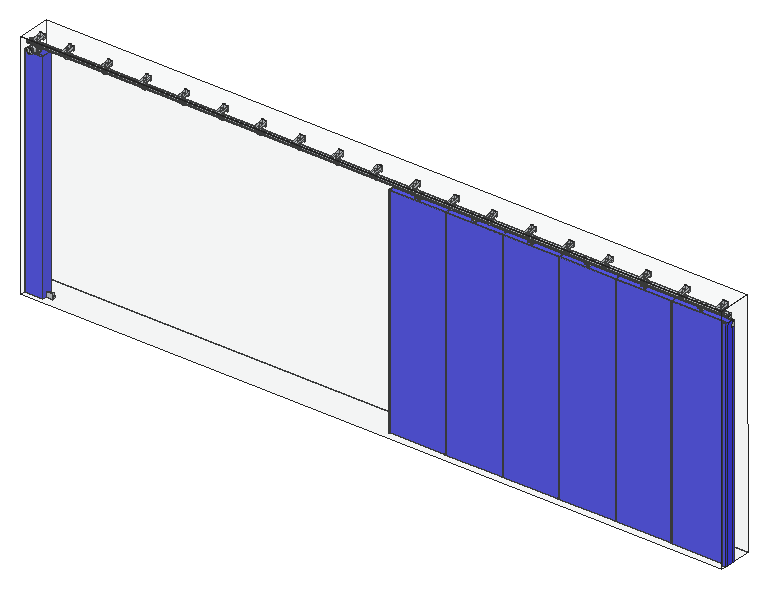
Revit family "Somati-System_SGS_Horizontal-fire-sliding-door_9040_lintel_counterweight-behind-door-access_EI60_W-to-H-higher-than-1,3", category Doors, host Wall, Revit 2018
Family settings
  Host = Wall
  OmniClass Number = 23.30.10.00
  OmniClass Title = Doors
  Always vertical = Yes
  Cut with Voids When Loaded = No
  Shared = No
  Room Calculation Point = No
Parameters (values of type "EI 60")
  Youtube clip = "https://www.youtube.com/watch?v=pRjbxBvixFY&feature=emb_logo"
  Wing top offset [instance] = 88 mm  # constant formula
  Wing thickness = 71.2 mm
  Wing middle offset = 80 mm
  Wing access (D) [instance] = [Width (W)] + 150 mm  # 5650 mm
  Width (W) [instance] = 5500 mm
  Weight Net (Kg) = "0"
  Uniformat II Description = ""
  Uniformat II Code = ""
  Uniclass 2015 Name = ""
  Uniclass 2015 Code = ""
  Uniclass 2.0 Description = ""
  Uniclass 2.0 Code = ""
  Uniclass 1.4 Description = ""
  Uniclass 1.4 Code = ""
  UNSPSC Code = ""
  Total height (Z) [instance] = Height Control + 315 mm  # 3815 mm
  Thickness = 0 mm
  Technical description = "https://somati-system.pl/en/download/sgs-download-en/"
  Region South America = "None"
  Region Oceania = "None"
  Region North America = "None"
  Region Middle East = "None"
  Region Europe = "AD, AL, AT, AX, BA, BE, BG, BY, CH, CY, CZ, DE, DK, EE, ES, FI, FO, FR, GB, GG, GI, GR, HR, HU, IE, IM, IS, IT, JE, LI, LT, LU, LV, MC, MD, ME, MK, MT, NL, NO, PL, PT, RO, RS, RU, SE, SI, SJ, SK, SM, UA, VA"
  Region Asia = "None"
  Region Antarctica = "None"
  Region Africa = "None"
  Rail and assembly materials [instance] = none
  QR code = "http://bimobject.com/somati-system/product/SGS_HORIZONTAL_FIRE_SLIDING_DOOR"
  Product url = "https://somati-system.pl/en/products/sgs-horizontal-fire-sliding-doors/"
  Product group = "SGS"
  Product family = "SGS"
  Product data url = "https://bimobject.com/somati-system/product/SGS_HORIZONTAL_FIRE_SLIDING_DOOR"
  Product certification = ""
  Product SKU = "SGS_HORIZONTAL_FIRE_SLIDING_DOOR"
  Product Guid = "8235eb12-0acf-4b60-9ca9-7613396e8d01"
  Power supply of control panel = "230V/50Hz/6A"  # constant formula
  Panel width [instance] = ([Width (W)] + 168 mm) / Number of panels in wing  # 944.667 mm
  Panel material = Somati - Stainless Steel - Custom
  Panel height [instance] = Height Control + Wing top offset  # 3588 mm
  OmniClass Description = ""
  OmniClass Code = ""
  Offset Right [instance] = 0 mm
  Offset Left [instance] = [Counterweight housing (A2)]  # 310 mm
  Number of panels in wing [instance] = roundup([Width (W)] / 1000 mm)  # 6
  Number of hangers [instance] = ([Guide rail length (K)] - 420 mm) / 600 mm  # 18
  Nominal width = 0 mm
  Nominal height = 0 mm
  NBS Reference Description = ""
  NBS Reference Code = ""
  Model = "SGS"  # constant formula
  Max number of opening cycles = 50000  # constant formula
  Material secondary = "Composite"
  Material main = "Steel"
  Masterformat 2014 Description = ""
  Masterformat 2014 Code = ""
  Manufacturer name = "Somati System"
  Manufacturer country = "Poland"
  Manufacturer = "Somati System"  # constant formula
  Installation instructions = ""
  IFC Classification = ""
  Height Control [instance] = if([Height (H)] > 3500 mm, 3500 mm, [Height (H)])  # 3500 mm
  Height (H) [instance] = 3500 mm
  Guide rail lower edge (B1) [instance] = Height Control + 160 mm  # 3660 mm
  Guide rail length (K) [instance] = [Wing access (D)] + [Width (W)] + [Counterweight housing (A2)]  # 11460 mm
  Gate Control type = "Electromagnetic brake"  # constant formula
  GTIN code = ""
  Function = Interior
  Height = 3000 mm
  Wall Closure = By host
  Width = 3000 mm
  Fire resistance = "EI 60, EI 120 n"  # constant formula
  Edition number = 1
  Design country = "Poland"
  Date of publishing = ""
  Counterweight housing (A2) [instance] = if([Width (W)] / Height Control > 1.3, 310 mm, 180 mm)  # 310 mm
  Console mounting axis (B2) [instance] = if(Height Control > 3500 mm, Height Control + 239 mm, Height Control + 179 mm)  # 3679 mm
  Clearance Area Visibility [instance] = yes
  COBIe Type Category = ""
  Buffer (A1) [instance] = [Width (W)] + 280 mm  # 5780 mm
  Brand url = ""
  BIMobject main category code = "doors"
  BIMobject main category = "Doors"
  BIMobject category code = "doors-fire"
  BIMobject category = "Fire Doors & Shutters"
  Available surface fnish = "Galvanized Stainless Steel PVC, MDF, HDF, laminate or veneer, STANDARD RAL 7035, 9002, 9006, 9010, and powder coating of whole RAL pallet"  # constant formula
Reference planes
  plane 1: y = 0
  plane 2 "Center (Left/Right)": x = 0
  plane 3 "Left": x = -2750
  plane 4 "Right": x = 2750
  plane 5 "Cutout height": z = 3500
  plane 6 "Exterior": y = 150
  plane 7 "Interior": y = -150
  plane 8 "Consoles mounting axis": z = 3679
  plane 9 "Total height top": z = 3815
  plane 10 "Guide rail bottom": z = 3660
  plane 11 "Wing access": x = -8400
  plane 12 "Buffer placement": x = -8530
  plane 13 "Handle": z = 1050
  plane 14 "Wing end left": x = -2858
  plane 15 "Wing end top": z = 3588
  plane 16 "Wing end right": x = 2750
  plane 17: y = -324
  plane 18 "Wing axis": y = -230
  plane 19: y = -75
  plane 20: y = -184.9
  plane 21: y = -275.1
  plane 22: x = -2860
  plane 23 "end of hangers": x = -8190
  plane 24: x = -1040
  plane 25: x = -2795
  plane 26: y = -300.1
  plane 27: y = -159.9
  plane 28: x = -8840
  plane 29: x = -8539
  plane 30: x = -8689.5
  plane 31: x = 2750
  plane 32: x = -8840
  plane 33: x = -8685
  plane 34: z = 3740
  plane 35: y = -400.45
  plane 36: z = 3654
  plane 37: x = 2620
Forms (mm)
  Sweep 1, solid
    path origin (0, -150, 0) x (1, 0, 0) y (0, 0, 1)
      loop
        line (-2750, 0) -> (-2750, 3482) -> (2750, 3482)
    profile origin (-2750, -150, 1741) x (-1, 0, 0) y (0, -1, 0)
      loop
        line (18, 33) -> (18, 4)
        arc (18, 4) -> (19.172, 1.172) -> (22, 0) r 4
        line (22, 0) -> (64, 0)
        arc (64, 0) -> (66.828, 1.172) -> (68, 4) r 4
        line (68, 4) -> (68, 29)
        arc (68, 29) -> (68.586, 30.414) -> (70, 31) r 2
        line (70, 31) -> (91, 31) -> (91, 33) -> (18, 33)
  Sweep 2, solid, material "Somati - Stainless Steel - Custom" <- "Panel material"
    path origin (0, -150, 0) x (1, 0, 0) y (0, 0, 1)
      loop
        line (-2858, 3588) -> (-2858, 0)
    profile origin (-2858, -150, 1794) x (0, -1, 0) y (1, 0, 0)
      loop
        arc (18.1, 2) -> (19.272, -0.828) -> (22.1, -2) r 4
        line (22.1, -2) -> (114.1, -2)
        arc (114.1, -2) -> (116.928, -0.828) -> (118.1, 2) r 4
        line (118.1, 2) -> (118.1, 13) -> (116.1, 13) -> (116.1, 2)
        arc (116.1, 2) -> (115.514, 0.586) -> (114.1, 0) r 2
        line (114.1, 0) -> (22.1, 0)
        arc (22.1, 0) -> (20.686, 0.586) -> (20.1, 2) r 2
        line (20.1, 2) -> (20.1, 23) -> (18.1, 23) -> (18.1, 2)
  Sweep 3, solid, material "Somati - Stainless Steel - Custom" <- "Panel material"
    path origin (0, -150, 0) x (1, 0, 0) y (0, 0, 1)
      loop
        line (-2860, 3588) -> (2750, 3588)
    profile origin (-55, -150, 3588) x (0, 0, 1) y (0, -1, 0)
      loop
        line (-23, 19.5) -> (-23, 17.5) -> (-2, 17.5)
        arc (-2, 17.5) -> (0.828, 18.672) -> (2, 21.5) r 4
        line (2, 21.5) -> (2, 117.5) -> (0, 117.5) -> (0, 21.5)
        arc (0, 21.5) -> (-0.586, 20.086) -> (-2, 19.5) r 2
        line (-2, 19.5) -> (-23, 19.5)
  Sweep 4, solid, material <- "Rail and assembly materials"
    path origin (0, -230, 0) x (0, 0, -1) y (-1, 0, 0)
      loop
        line (-3655.5, 8840) -> (-3655.5, -2750)
    profile origin (-3045, -230, 3655.5) x (0, 0, -1) y (0, 1, 0)
      loop
        line (-4.5, -10) -> (-7.5, -10) -> (-7.5, -17.27)
        arc (-7.5, -17.27) -> (-7.68, -17.833) -> (-8.154, -18.187) r 0.97
        line (-8.154, -18.187) -> (-21.563, -22.805)
        arc (-21.563, -22.805) -> (-22.137, -22.951) -> (-22.728, -23) r 3.578
        line (-22.728, -23) -> (-45.523, -23)
        arc (-45.523, -23) -> (-46.214, -22.714) -> (-46.5, -22.023) r 0.977
        line (-46.5, -22.023) -> (-46.5, 21.985)
        arc (-46.5, 21.985) -> (-46.203, 22.703) -> (-45.485, 23) r 1.015
        line (-45.485, 23) -> (-22.73, 23)
        arc (-22.73, 23) -> (-22.137, 22.951) -> (-21.56, 22.804) r 3.593
        line (-21.56, 22.804) -> (-8.141, 18.183)
        arc (-8.141, 18.183) -> (-7.677, 17.836) -> (-7.5, 17.283) r 0.951
        line (-7.5, 17.283) -> (-7.5, 10) -> (-4.5, 10) -> (-4.5, 19.391)
        arc (-4.5, 19.391) -> (-4.707, 20) -> (-5.242, 20.357) r 1
        line (-5.242, 20.357) -> (-20.589, 25.643)
        arc (-20.589, 25.643) -> (-21.5, 25.91) -> (-22.445, 26) r 5
        line (-22.445, 26) -> (-46.5, 26)
        arc (-46.5, 26) -> (-48.621, 25.121) -> (-49.5, 23) r 3
        line (-49.5, 23) -> (-49.5, -23)
        arc (-49.5, -23) -> (-48.621, -25.121) -> (-46.5, -26) r 3
        line (-46.5, -26) -> (-22.445, -26)
        arc (-22.445, -26) -> (-21.5, -25.91) -> (-20.589, -25.643) r 5
        line (-20.589, -25.643) -> (-5.242, -20.357)
        arc (-5.242, -20.357) -> (-4.707, -20) -> (-4.5, -19.391) r 1
        line (-4.5, -19.391) -> (-4.5, -10)
  Extrusion 5, solid, material "Clearance Areas", visible <- "Clearance Area Visibility"
    sketch origin (-2209.467, 358.585, 220.701) x (1, 0, 0) y (0, 0, -1)
      loop
        line (-6630.533, 220.701) -> (-6630.533, -3594.299) -> (4959.467, -3594.299) -> (4959.467, 220.701) -> (-6630.533, 220.701)
    from -759.035 to -208.585
  Sweep 6, solid, material "Somati - Stainless Steel - Custom" <- "Panel material"
    path origin (0, -150, 0) x (1, 0, 0) y (0, 0, 1)
      loop
        line (-8840, 0) -> (-8840, 3588)
    profile origin (-8840, -150, 1794) x (-1, 0, 0) y (0, -1, 0)
      loop
        line (-301, 161) -> (-301, 0) -> (0, 0) -> (0, 161) -> (-301, 161)
      loop
        line (-298, 3) -> (-3, 3) -> (-3, 157) -> (-298, 157) -> (-298, 3)
  Sweep 7, solid, material "Somati - Stainless Steel - Custom" <- "Panel material"
    path origin (0, -150, 0) x (1, 0, 0) y (0, 0, 1)
      loop
        line (2750, 0) -> (2750, 3588)
    profile origin (2750, -150, 1794) x (-1, 0, 0) y (0, -1, 0)
      loop
        line (51, 0) -> (51, 33) -> (2, 33) -> (2, 124) -> (48, 124) -> (48, 161) -> (0, 161) -> (0, 0) -> (51, 0)
Lines and regions (mm)
  Opening 1
    outline origin (-3050, -150, 0) x (1, 0, 0) y (0, 0, 1)
      loop
        line (300, 0) -> (5800, 0) -> (5800, 3500) -> (300, 3500) -> (300, 0)
Text (mm)
  text "Exterior" at (-2295.016, 1099.543, 0), in view "Ref. Level"
  text "Exterior" at (0, 1615.38, 3698.081), in view "Left"
  text "Exterior" at (0, 1036.032, 3874.932), in view "Right"
Dimensions and locks
  equal spacing: plane 3 "Left", plane 2 "Center (Left/Right)", plane 4 "Right"
  "Width (W)": plane 3 "Left" to plane 4 "Right"
  "Height Control": plane 5 "Cutout height" to host wall
  host wall to plane 5 "Cutout height" = 3500 mm  (x2)
  locked: plane 6 "Exterior" to host wall at 0
  locked: plane 7 "Interior" to host wall
  "Total height (Z)": plane 9 "Total height top" to level
  "Console mounting axis (B2)": plane 8 "Consoles mounting axis" to level
  "Guide rail lower edge (B1)": plane 10 "Guide rail bottom" to level
  "Buffer (A1)": plane 12 "Buffer placement" to plane 3 "Left"
  "Wing access (D)": plane 11 "Wing access" to plane 3 "Left"
  locked: plane 13 "Handle" to level at 1050
  equal spacing: plane 20, plane 18 "Wing axis", plane 21
  equal spacing: group 1, group 6, group 14, group 15, group 16, group 2  (x3)
  "Wing top offset": plane 15 "Wing end top" to plane 5 "Cutout height"
  locked: plane 22 to plane 14 "Wing end left" at 2
  locked: Sweep 1 sketch curve to plane 5 "Cutout height" at 18
  locked: plane 23 "end of hangers" to plane 11 "Wing access" at 210
  equal spacing: group 4, group 24, group 23, group 22, group 21, group 20, group 19, group 18, group 17, group 13, group 12, group 11, group 10, group 9, group 8, group 7, group 5, group 3
  equal spacing: group 3, group 5, group 7, group 8, group 9, group 10, group 11, group 12, group 13, group 17, group 18, group 19, group 20, group 21, group 22, group 23, group 24, group 4  (x2)
  locked: plane 25 to plane 3 "Left" at 45
  locked: plane 27 to plane 20 at 25
  locked: plane 21 to plane 26 at 25
  locked: plane 14 "Wing end left" to plane 3 "Left" at 108
  "Counterweight housing (A2)": plane 28 to plane 12 "Buffer placement"
  locked: Sweep 6 sketch curve to Sweep 6 sketch curve at 3  (x2)
  locked: plane 29 to plane 12 "Buffer placement" at 9
  equal spacing: plane 29, plane 30, plane 28
  "Offset Left": plane 32 to plane 12 "Buffer placement"
  "Offset Right": plane 4 "Right" to plane 31
  equal spacing: plane 28, plane 33, plane 12 "Buffer placement"
  "Wing middle offset": host wall to plane 18 "Wing axis"
  plane 9 "Total height top" to plane 5 "Cutout height" = 315 mm
  locked: host wall to plane 35 at 250.45
  locked: plane 36 to plane 15 "Wing end top" at 66
  locked: plane 31 to plane 37 at 130
  locked: plane 18 "Wing axis" to host wall at 80
  aligned and locked: plane 3 "Left" to Opening 1 sketch curve
  aligned and locked: plane 5 "Cutout height" to Opening 1 sketch curve  (x2)
  aligned and locked: Opening 1 sketch curve to plane 4 "Right"
  aligned and locked: Opening 1 sketch curve to level
  aligned and locked: host wall to plane 1
  aligned and locked: nested 1 to plane 18 "Wing axis"
  aligned and locked: plane 14 "Wing end left" to nested 1
  aligned and locked: plane 16 "Wing end right" to nested 2
  aligned and locked: Sweep 1 sketch curve to plane 3 "Left"
  aligned and locked: plane 3 "Left" to Sweep 1 sketch curve
  aligned and locked: plane 4 "Right" to Sweep 1 sketch curve
  aligned and locked: level to Sweep 1 sketch curve
  aligned and locked: Sweep 2 sketch curve to plane 14 "Wing end left"
  aligned and locked: plane 15 "Wing end top" to Sweep 2 sketch curve
  aligned and locked: level to Sweep 2 sketch curve
  aligned and locked: Sweep 3 sketch curve to plane 15 "Wing end top"
  aligned and locked: Sweep 3 sketch curve to plane 22
  aligned and locked: plane 16 "Wing end right" to Sweep 3 sketch curve
  aligned and locked: plane 18 "Wing axis" to nested 3
  aligned and locked: nested 4 to plane 23 "end of hangers"
  aligned and locked: Sweep 4 to plane 10 "Guide rail bottom"
  aligned and locked: plane 6 "Exterior" to Extrusion 5
  aligned and locked: plane 9 "Total height top" to Extrusion 5
  aligned and locked: nested 2 to plane 18 "Wing axis"
  aligned and locked: plane 18 "Wing axis" to nested 4
  aligned and locked: nested 6 to plane 18 "Wing axis"
  aligned and locked: nested 6 to plane 12 "Buffer placement"
  aligned and locked: plane 15 "Wing end top" to Sweep 6 sketch curve
  aligned and locked: Sweep 6 sketch curve to plane 28
  aligned and locked: Sweep 6 sketch curve to plane 29
  aligned and locked: Sweep 7 sketch curve to plane 4 "Right"
  aligned and locked: plane 15 "Wing end top" to Sweep 7 sketch curve
  aligned and locked: plane 32 to Sweep 4 sketch curve
  aligned and locked: plane 31 to Sweep 4 sketch curve
  aligned and locked: host wall to nested 15
  aligned and locked: plane 9 "Total height top" to nested 3
  aligned and locked: plane 9 "Total height top" to nested 5
  aligned and locked: nested 15 to plane 9 "Total height top"
  aligned and locked: Extrusion 5 to plane 32
  aligned and locked: plane 31 to Extrusion 5
  aligned and locked: nested 15 to plane 33
  aligned and locked: nested 16 to plane 18 "Wing axis"
  aligned and locked: plane 33 to nested 16
  aligned and locked: Extrusion 5 to plane 35
  aligned and locked: nested 16 to plane 36
  aligned and locked: plane 31 to plane 16 "Wing end right"
  aligned and locked: nested 3 to plane 37
Automatic sketch dimensions
  Sweep 6 sketch curve to plane 28 = 0 mm
  Sweep 6 sketch curve to plane 13 "Handle" = 1050 mm
  plane 7 "Interior" to Sweep 1 sketch curve = 0 mm
  Sweep 1 sketch curve to profile plane = 18 mm
  Sweep 1 sketch curve to Sweep 1 sketch curve = 4 mm
  plane 7 "Interior" to Sweep 1 sketch curve = 4 mm
  Sweep 1 sketch curve to Sweep 1 sketch curve = 42 mm
  Sweep 1 sketch curve to Sweep 1 sketch curve = 2 mm
  Sweep 1 sketch curve to Sweep 1 sketch curve = 21 mm
  Sweep 1 sketch curve to Sweep 1 sketch curve = 25 mm
  Sweep 1 sketch curve to Sweep 1 sketch curve = 29 mm
  Sweep 2 sketch curve to Sweep 2 sketch curve = 0 mm  (x4)
  Sweep 2 sketch curve to profile plane = 0 mm
  Sweep 2 sketch curve to profile plane = 2 mm  (x2)
  plane 7 "Interior" to Sweep 2 sketch curve = 18.1 mm
  Sweep 2 sketch curve to Sweep 2 sketch curve = 2 mm
  Sweep 2 sketch curve to Sweep 2 sketch curve = 92 mm
  Sweep 2 sketch curve to Sweep 2 sketch curve = 11 mm
  Sweep 2 sketch curve to Sweep 2 sketch curve = 21 mm
  Sweep 3 sketch curve to Sweep 3 sketch curve = 0 mm  (x2)
  profile plane to Sweep 3 sketch curve = 0 mm
  profile plane to Sweep 3 sketch curve = 2 mm
  Sweep 3 sketch curve to Sweep 3 sketch curve = 21 mm
  Sweep 3 sketch curve to Sweep 3 sketch curve = 2 mm
  plane 7 "Interior" to Sweep 3 sketch curve = 17.5 mm
  Sweep 3 sketch curve to Sweep 3 sketch curve = 96 mm
  Extrusion 5 sketch curve to plane 9 "Total height top" = 0 mm
  Extrusion 5 sketch curve to plane 12 "Buffer placement" = 310 mm
  Extrusion 5 sketch curve to level = 0 mm
  Sweep 6 sketch curve to plane 7 "Interior" = 0 mm
  plane 7 "Interior" to Sweep 6 sketch curve = 3 mm
  Sweep 6 sketch curve to Sweep 6 sketch curve = 154 mm
  Sweep 6 sketch curve to Sweep 6 sketch curve = 4 mm
  Sweep 7 sketch curve to plane 13 "Handle" = 1050 mm
  plane 7 "Interior" to Sweep 7 sketch curve = 0 mm
  profile plane to Sweep 7 sketch curve = 0 mm
  Sweep 7 sketch curve to Sweep 7 sketch curve = 2 mm
  Sweep 7 sketch curve to profile plane = 48 mm
  Sweep 7 sketch curve to profile plane = 51 mm
  plane 7 "Interior" to Sweep 7 sketch curve = 33 mm
  Sweep 7 sketch curve to Sweep 7 sketch curve = 91 mm
  Sweep 7 sketch curve to Sweep 7 sketch curve = 37 mm
  Sweep 4 sketch curve to plane 10 "Guide rail bottom" = 4.5 mm
  profile plane to Sweep 4 sketch curve = 49.5 mm
  Sweep 4 sketch curve to Sweep 4 sketch curve = 3 mm  (x3)
  Sweep 4 sketch curve to Sweep 4 sketch curve = 0 mm
  Sweep 4 sketch curve to Sweep 4 sketch curve = 0.977 mm
  Sweep 4 sketch curve to Sweep 4 sketch curve = 1.015 mm  (x2)
  Sweep 4 sketch curve to Sweep 4 sketch curve = 22.755 mm
  Sweep 4 sketch curve to Sweep 4 sketch curve = 22.795 mm
  Sweep 4 sketch curve to Sweep 4 sketch curve = 0.282 mm
  Sweep 4 sketch curve to Sweep 4 sketch curve = 0.285 mm
  Sweep 4 sketch curve to Sweep 4 sketch curve = 1.165 mm
  Sweep 4 sketch curve to Sweep 4 sketch curve = 1.17 mm
  Sweep 4 sketch curve to Sweep 4 sketch curve = 1.857 mm  (x2)
  Sweep 4 sketch curve to Sweep 4 sketch curve = 13.093 mm
  Sweep 4 sketch curve to Sweep 4 sketch curve = 13.109 mm
  Sweep 4 sketch curve to Sweep 4 sketch curve = 0.316 mm
  Sweep 4 sketch curve to Sweep 4 sketch curve = 0.31 mm
  Sweep 4 sketch curve to Sweep 4 sketch curve = 0.951 mm
  Sweep 4 sketch curve to Sweep 4 sketch curve = 0.97 mm
  Sweep 4 sketch curve to Sweep 4 sketch curve = 2.641 mm
  Sweep 4 sketch curve to Sweep 4 sketch curve = 2.654 mm
  Sweep 4 sketch curve to Sweep 4 sketch curve = 0.258 mm  (x2)
  Sweep 4 sketch curve to Sweep 4 sketch curve = 1 mm
  Sweep 4 sketch curve to plane 18 "Wing axis" = 26 mm
  Sweep 4 sketch curve to Sweep 4 sketch curve = 0.357 mm
  Sweep 4 sketch curve to Sweep 4 sketch curve = 2 mm
  Sweep 4 sketch curve to Sweep 4 sketch curve = 0.195 mm
  Sweep 4 sketch curve to Sweep 4 sketch curve = 5.286 mm
  Sweep 4 sketch curve to Sweep 4 sketch curve = 1.204 mm
  Sweep 4 sketch curve to Sweep 4 sketch curve = 7.27 mm
  Sweep 4 sketch curve to Sweep 4 sketch curve = 20 mm
  Sweep 4 sketch curve to Sweep 4 sketch curve = 7.283 mm
  Sweep 4 sketch curve to Sweep 4 sketch curve = 2.108 mm
  Sweep 4 sketch curve to Sweep 4 sketch curve = 2.124 mm
  Sweep 4 sketch curve to Sweep 4 sketch curve = 1.593 mm
  Sweep 4 sketch curve to Sweep 4 sketch curve = 2.577 mm
  Extrusion 5 sketch curve to plane 16 "Wing end right" = 0 mm
Nested families
  nested 1: "Family2" at (-2385.667, -230, 0), Material <- "Panel material", Width <- "Panel width", Thickness <- "Wing thickness", Height <- "Panel height", type "Family2"
    with Width 944.667 mm, Thickness 71.2 mm, Material Somati - Stainless Steel - Custom, Height 3588 mm
  nested 2: "Family2" at (2277.667, -230, 0), Material <- "Panel material", Width <- "Panel width", Thickness <- "Wing thickness", Height <- "Panel height", type "Family2"
    with Width 944.667 mm, Thickness 71.2 mm, Material Somati - Stainless Steel - Custom, Height 3588 mm
  nested 3: "Family3" at (2586, -230, 3725) x (0, 1, 0) z (1, 0, 0), type "Family3", detail levels medium+fine
  nested 4: "Family3" at (-8224, -230, 3725) x (0, 1, 0) z (1, 0, 0), type "Family3", detail levels medium+fine
  nested 5: "Family3" at (1950.118, -230, 3725) x (0, 1, 0) z (1, 0, 0), type "Family3", detail levels medium+fine
  nested 6: "Stopper" at (-8480.037, -230, 0), type "Stopper", detail levels medium+fine
  nested 7: "Family2" at (-1453, -230, 0), Material <- "Panel material", Width <- "Panel width", Thickness <- "Wing thickness", Height <- "Panel height", type "Family2"
    with Width 944.667 mm, Thickness 71.2 mm, Material Somati - Stainless Steel - Custom, Height 3588 mm
  nested 8: "Family3" at (1314.235, -230, 3725) x (0, 1, 0) z (1, 0, 0), type "Family3", detail levels medium+fine
  nested 9: "Family3" at (678.353, -230, 3725) x (0, 1, 0) z (1, 0, 0), type "Family3", detail levels medium+fine
  nested 10: "Family3" at (42.471, -230, 3725) x (0, 1, 0) z (1, 0, 0), type "Family3", detail levels medium+fine
  nested 11: "Family3" at (-593.412, -230, 3725) x (0, 1, 0) z (1, 0, 0), type "Family3", detail levels medium+fine
  nested 12: "Family3" at (-1229.294, -230, 3725) x (0, 1, 0) z (1, 0, 0), type "Family3", detail levels medium+fine
  nested 13: "Family3" at (-1865.176, -230, 3725) x (0, 1, 0) z (1, 0, 0), type "Family3", detail levels medium+fine
  nested 14: "Family3" at (-2501.059, -230, 3725) x (0, 1, 0) z (1, 0, 0), type "Family3", detail levels medium+fine
  nested 15: "Family3" at (-8651, -230, 3725) x (0, 1, 0) z (-1, 0, 0), type "Family3"
  nested 16: "brake" at (-8685, -230, 3633.165) x (1, 0, 0) z (0, -1, 0), type "brake"
  nested 17: "Family2" at (-520.333, -230, 0), Material <- "Panel material", Width <- "Panel width", Thickness <- "Wing thickness", Height <- "Panel height", type "Family2"
    with Width 944.667 mm, Thickness 71.2 mm, Material Somati - Stainless Steel - Custom, Height 3588 mm
  nested 18: "Family2" at (412.333, -230, 0), Material <- "Panel material", Width <- "Panel width", Thickness <- "Wing thickness", Height <- "Panel height", type "Family2"
    with Width 944.667 mm, Thickness 71.2 mm, Material Somati - Stainless Steel - Custom, Height 3588 mm
  nested 19: "Family2" at (1345, -230, 0), Material <- "Panel material", Width <- "Panel width", Thickness <- "Wing thickness", Height <- "Panel height", type "Family2"
    with Width 944.667 mm, Thickness 71.2 mm, Material Somati - Stainless Steel - Custom, Height 3588 mm
  nested 20: "Family3" at (-3136.941, -230, 3725) x (0, 1, 0) z (1, 0, 0), type "Family3", detail levels medium+fine
  nested 21: "Family3" at (-3772.824, -230, 3725) x (0, 1, 0) z (1, 0, 0), type "Family3", detail levels medium+fine
  nested 22: "Family3" at (-4408.706, -230, 3725) x (0, 1, 0) z (1, 0, 0), type "Family3", detail levels medium+fine
  nested 23: "Family3" at (-5044.588, -230, 3725) x (0, 1, 0) z (1, 0, 0), type "Family3", detail levels medium+fine
  nested 24: "Family3" at (-5680.471, -230, 3725) x (0, 1, 0) z (1, 0, 0), type "Family3", detail levels medium+fine
  nested 25: "Family3" at (-6316.353, -230, 3725) x (0, 1, 0) z (1, 0, 0), type "Family3", detail levels medium+fine
  nested 26: "Family3" at (-6952.235, -230, 3725) x (0, 1, 0) z (1, 0, 0), type "Family3", detail levels medium+fine
  nested 27: "Family3" at (-7588.118, -230, 3725) x (0, 1, 0) z (1, 0, 0), type "Family3", detail levels medium+fine
Definition of nested family "Family2"
  Parameters (values of type "Family2")
    Width [instance] = 349.761 mm
    Thickness [instance] = 117.742 mm
    Material [instance] = none
    Height [instance] = 398.765 mm
    Hardware material = none
  Reference planes
    plane 1 "Center (Front/Back)": y = 0
    plane 2: z = 0
    plane 3 "Center (Left/Right)": x = 0
    plane 4: x = -174.88
    plane 5: x = 174.88
    plane 6: y = 58.871
    plane 7: y = -58.871
    plane 8: z = 398.765
  Forms (mm)
    Extrusion 1, solid, material <- "Material"
      sketch origin (0, 0, 0) x (1, 0, 0) y (0, 1, 0)
        loop
          line (-174.88, -58.871) -> (174.88, -58.871) -> (174.88, 58.871) -> (-174.88, 58.871) -> (-174.88, -58.871)
      from 0 to 398.765
  Dimensions and locks
    equal spacing: plane 4, plane 3 "Center (Left/Right)", plane 5
    "Width": plane 4 to plane 5
    equal spacing: plane 6, plane 1 "Center (Front/Back)", plane 7
    "Thickness": plane 6 to plane 7
    "Height": plane 8 to plane 2
    aligned and locked: level to plane 2
    aligned and locked: plane 6 to Extrusion 1
    aligned and locked: Extrusion 1 to plane 7
    aligned and locked: Extrusion 1 to plane 4
    aligned and locked: plane 5 to Extrusion 1
    aligned and locked: plane 6 to Extrusion 1 sketch curve
    aligned and locked: Extrusion 1 sketch curve to plane 7
    aligned and locked: Extrusion 1 sketch curve to plane 4
    aligned and locked: plane 5 to Extrusion 1 sketch curve
    aligned and locked: plane 8 to Extrusion 1
    aligned and locked: plane 3 "Center (Left/Right)" to nested 1
    aligned and locked: plane 1 "Center (Front/Back)" to nested 1
    aligned and locked: nested 1 to plane 8
  Nested families
    nested 1: "Family1" at (0, 0, 491.765), type "Family1", detail levels medium+fine
  Definition of nested family "Family1"
    Parameters (values of type "Family1")
      Material = none
    Reference planes
      plane 1 "Center (Front/Back)": y = 0
      plane 2: z = 0
      plane 3 "Center (Left/Right)": x = 0
      plane 4: y = 1.5
      plane 5: y = -1.5
      plane 6: z = -93
    Forms (mm)
      Extrusion 1, solid, material <- "Material"
        sketch origin (0, 0, 0) x (0, 1, 0) y (0, 0, 1)
          loop
            line (11, -54) -> (-26.5, -54) -> (-26.5, -60) -> (11, -60)
            arc (11, -60) -> (16.303, -57.803) -> (18.5, -52.5) r 7.5
            line (18.5, -52.5) -> (18.5, -45.5)
            arc (18.5, -45.5) -> (16.303, -40.197) -> (11, -38) r 7.5
            line (11, -38) -> (9, -38)
            arc (9, -38) -> (4.757, -36.243) -> (3, -32) r 6
            line (3, -32) -> (3, 17.5) -> (-3, 17.5) -> (-3, -32)
            arc (-3, -32) -> (0.515, -40.485) -> (9, -44) r 12
            line (9, -44) -> (11, -44)
            arc (11, -44) -> (12.061, -44.439) -> (12.5, -45.5) r 1.5
            line (12.5, -45.5) -> (12.5, -52.5)
            arc (12.5, -52.5) -> (12.061, -53.561) -> (11, -54) r 1.5
        from -45 to 45
      Revolve 2, solid, material <- "Material"
        sketch origin (0, 0, 0) x (1, 0, 0) y (0, 0, 1)
          loop
            arc (8.25, -46) -> (4.244, -44.507) -> (0, -44) r 18.016
            line (0, -44) -> (0, -184) -> (6.5, -184) -> (8, -182.5) -> (8, -91) -> (10.125, -91)
            arc (10.125, -91) -> (11.933, -90.664) -> (13.5, -89.7) r 5.031
            line (13.5, -89.7) -> (13.5, -84.8)
            arc (13.5, -84.8) -> (12.037, -83.478) -> (10.125, -83) r 4.064
            line (10.125, -83) -> (8, -83) -> (8, -71) -> (10.125, -71)
            arc (10.125, -71) -> (11.933, -70.664) -> (13.5, -69.7) r 5.031
            line (13.5, -69.7) -> (13.5, -64.8)
            arc (13.5, -64.8) -> (12.037, -63.478) -> (10.125, -63) r 4.064
            line (10.125, -63) -> (15, -63) -> (15, -60) -> (8, -60) -> (8, -54) -> (16.5, -54) -> (16.5, -46)
            arc (16.5, -46) -> (12.375, -44) -> (8.25, -46) r 5.254
          axis (0, -44) -> (0, -184)
        angle from 0 to 360
      Extrusion 3, void
        sketch origin (0, 0, 0) x (1, 0, 0) y (0, 0, 1)
          loop
            line (45, -25) -> (45, 17.5) -> (-45, 17.5) -> (-45, -25)
            arc (-45, -25) -> (0, 15) -> (45, -25) r 45.312
        from -23 to 30.5
      Extrusion 4, solid, material <- "Material"
        sketch origin (0, 0, 0) x (1, 0, 0) y (0, 0, 1)
          loop
            circle (70, 0) r 17
        from -17 to -7
      Sweep 5, void
        path in 3D
          loop
            arc (87, 7, 0) -> (70, 7, -17) -> (53, 7, 0) r 17
            arc (53, 7, 0) -> (70, 7, 17) -> (87, 7, 0) r 17
        profile origin (70, 7, 17) x (0, 0, 1) y (0, -1, 0)
          loop
            line (-1.5, 0) -> (0, -1.5) -> (0.954, -0.546) -> (-0.546, 0.954) -> (-1.5, 0)
      Sweep 6, void
        path in 3D
          loop
            arc (87, 17, 0) -> (70, 17, -17) -> (53, 17, 0) r 17
            arc (53, 17, 0) -> (70, 17, 17) -> (87, 17, 0) r 17
        profile origin (70, 17, 17) x (0, 0, -1) y (0, 1, 0)
          loop
            line (1.5, 0) -> (0.546, 0.954) -> (-0.954, -0.546) -> (0, -1.5) -> (1.5, 0)
      Extrusion 7, solid, material <- "Material"
        sketch origin (0, 0, 0) x (1, 0, 0) y (0, 0, 1)
          loop
            circle (70, 0) r 9
        from -7 to -3
      Extrusion 8, solid, material <- "Material"
        sketch origin (0, 0, 0) x (1, 0, 0) y (0, 0, -1)
          loop
            circle (70, 0) r 17
        from -17 to -7
      Sweep 9, void
        path in 3D
          loop
            arc (53, -7, 0) -> (70, -7, -17) -> (87, -7, 0) r 17
            arc (87, -7, 0) -> (70, -7, 17) -> (53, -7, 0) r 17
        profile origin (70, -7, 17) x (0, 0, 1) y (0, 1, 0)
          loop
            line (-1.5, 0) -> (0, -1.5) -> (0.954, -0.546) -> (-0.546, 0.954) -> (-1.5, 0)
      Sweep 10, void
        path in 3D
          loop
            arc (87, -17, 0) -> (70, -17, -17) -> (53, -17, 0) r 17
            arc (53, -17, 0) -> (70, -17, 17) -> (87, -17, 0) r 17
        profile origin (70, -17, 17) x (0, 0, 1) y (0, -1, 0)
          loop
            line (-1.5, 0) -> (0, -1.5) -> (0.954, -0.546) -> (-0.546, 0.954) -> (-1.5, 0)
      Extrusion 11, solid, material <- "Material"
        sketch origin (0, 0, 0) x (1, 0, 0) y (0, 0, -1)
          loop
            circle (70, 0) r 9
        from -7 to -3
      Extrusion 12, solid, material <- "Material"
        sketch origin (0, 0, 0) x (-1, 0, 0) y (0, 0, -1)
          loop
            circle (70, 0) r 17
        from -17 to -7
      Sweep 13, void
        path in 3D
          loop
            arc (-53, 7, 0) -> (-70, 7, -17) -> (-87, 7, 0) r 17
            arc (-87, 7, 0) -> (-70, 7, 17) -> (-53, 7, 0) r 17
        profile origin (-70, 7, 17) x (0, 0, 1) y (0, -1, 0)
          loop
            line (-1.5, 0) -> (0, -1.5) -> (0.954, -0.546) -> (-0.546, 0.954) -> (-1.5, 0)
      Sweep 14, void
        path in 3D
          loop
            arc (-87, 17, 0) -> (-70, 17, -17) -> (-53, 17, 0) r 17
            arc (-53, 17, 0) -> (-70, 17, 17) -> (-87, 17, 0) r 17
        profile origin (-70, 17, 17) x (0, 0, 1) y (0, 1, 0)
          loop
            line (-1.5, 0) -> (0, -1.5) -> (0.954, -0.546) -> (-0.546, 0.954) -> (-1.5, 0)
      Extrusion 15, solid, material <- "Material"
        sketch origin (0, 0, 0) x (-1, 0, 0) y (0, 0, -1)
          loop
            circle (70, 0) r 9
        from -7 to -1.5
      Extrusion 16, solid, material <- "Material"
        sketch origin (0, 0, 0) x (-1, 0, 0) y (0, 0, 1)
          loop
            circle (70, 0) r 17
        from -17 to -7
      Sweep 17, void
        path in 3D
          loop
            arc (-87, -7, 0) -> (-70, -7, -17) -> (-53, -7, 0) r 17
            arc (-53, -7, 0) -> (-70, -7, 17) -> (-87, -7, 0) r 17
        profile origin (-70, -7, 17) x (0, 0, 1) y (0, 1, 0)
          loop
            line (-1.5, 0) -> (0, -1.5) -> (0.954, -0.546) -> (-0.546, 0.954) -> (-1.5, 0)
      Sweep 18, void
        path in 3D
          loop
            arc (-87, -17, 0) -> (-70, -17, -17) -> (-53, -17, 0) r 17
            arc (-53, -17, 0) -> (-70, -17, 17) -> (-87, -17, 0) r 17
        profile origin (-70, -17, 17) x (0, 0, -1) y (0, -1, 0)
          loop
            line (1.5, 0) -> (0.546, 0.954) -> (-0.954, -0.546) -> (0, -1.5) -> (1.5, 0)
      Extrusion 19, solid, material <- "Material"
        sketch origin (0, 0, 0) x (-1, 0, 0) y (0, 0, 1)
          loop
            circle (70, 0) r 9
        from -7 to -1.5
      Extrusion 20, solid, material <- "Material"
        sketch origin (0, 0, 0) x (1, 0, 0) y (0, 0, 1)
          loop
            line (87, 17.5) -> (-87, 17.5)
            arc (-87, 17.5) -> (-89.121, 16.621) -> (-90, 14.5) r 3
            line (-90, 14.5) -> (-90, -14.5)
            arc (-90, -14.5) -> (-89.121, -16.621) -> (-87, -17.5) r 3
            line (-87, -17.5) -> (-50, -17.5) -> (-50, -12.5) -> (-24.592, -12.5) -> (24.592, -12.5) -> (50, -12.5) -> (50, -17.5) -> (87, -17.5)
            arc (87, -17.5) -> (89.121, -16.621) -> (90, -14.5) r 3
            line (90, -14.5) -> (90, 14.5)
            arc (90, 14.5) -> (89.121, 16.621) -> (87, 17.5) r 3
        from -1.5 to 1.5
      Revolve 21, solid, material <- "Material"
        sketch origin (0, 0, 0) x (0, 1, 0) y (0, 0, 1)
          loop
            arc (-22.5, -52.2) -> (-24.522, -52.351) -> (-26.5, -52.8) r 13.633
            line (-26.5, -52.8) -> (-26.5, -54) -> (-22.5, -54) -> (-22.5, -52.2)
          axis (-22.5, -54) -> (-22.5, -52.2)
        angle from 0 to 360
    Cuts and joins
      Extrusion 3 cuts Extrusion 1
      Sweep 5, Sweep 6, Sweep 9, Sweep 10, Sweep 13, Sweep 14 cuts Extrusion 4
      Sweep 9, Sweep 10, Sweep 17, Sweep 18 cuts Extrusion 8
      Sweep 13, Sweep 14 cuts Extrusion 12
      Sweep 17, Sweep 18 cuts Extrusion 16
    Lines and regions (mm)
      sketch lines
        curve 1: arc (53, 7, 0) -> (70, 7, 17) -> (87, 7, 0) r 17
        curve 2: arc (87, 7, 0) -> (70, 7, -17) -> (53, 7, 0) r 17
        curve 3: arc (53, 17, 0) -> (70, 17, 17) -> (87, 17, 0) r 17
        curve 4: arc (87, 17, 0) -> (70, 17, -17) -> (53, 17, 0) r 17
        curve 5: arc (87, -7, 0) -> (70, -7, 17) -> (53, -7, 0) r 17
        curve 6: arc (53, -7, 0) -> (70, -7, -17) -> (87, -7, 0) r 17
        curve 7: arc (53, -17, 0) -> (70, -17, 17) -> (87, -17, 0) r 17
        curve 8: arc (87, -17, 0) -> (70, -17, -17) -> (53, -17, 0) r 17
        curve 9: arc (-87, 7, 0) -> (-70, 7, 17) -> (-53, 7, 0) r 17
        curve 10: arc (-53, 7, 0) -> (-70, 7, -17) -> (-87, 7, 0) r 17
        curve 11: arc (-53, 17, 0) -> (-70, 17, 17) -> (-87, 17, 0) r 17
        curve 12: arc (-87, 17, 0) -> (-70, 17, -17) -> (-53, 17, 0) r 17
        curve 13: arc (-53, -7, 0) -> (-70, -7, 17) -> (-87, -7, 0) r 17
        curve 14: arc (-87, -7, 0) -> (-70, -7, -17) -> (-53, -7, 0) r 17
        curve 15: arc (-53, -17, 0) -> (-70, -17, 17) -> (-87, -17, 0) r 17
        curve 16: arc (-87, -17, 0) -> (-70, -17, -17) -> (-53, -17, 0) r 17
    Dimensions and locks
      aligned and locked: level to plane 2
Definition of nested family "Family3"
  Parameters (values of type "Family3")
    Material = none
    Default Elevation = 1219.2 mm
  Reference planes
    plane 1 "Center (Front/Back)": y = 0
    plane 2: z = 0
    plane 3 "Center (Left/Right)": x = 0
    plane 4: z = 34
    plane 5: y = -35.027
  Forms (mm)
    Extrusion 1, solid, material <- "Material"
      sketch origin (-42.203, -131.551, 0) x (1, 0, 0) y (0, 1, 0)
        loop
          arc (19.203, 116.051) -> (13.899, 113.854) -> (11.703, 108.551) r 7.5
          line (11.703, 108.551) -> (11.703, 84.496)
          arc (11.703, 84.496) -> (11.874, 82.7) -> (12.382, 80.969) r 9.5
          line (12.382, 80.969) -> (17.498, 66.134)
          arc (17.498, 66.134) -> (19.461, 63.19) -> (22.812, 62.051) r 5.5
          line (22.812, 62.051) -> (32.203, 62.051) -> (32.203, 66.551) -> (22.812, 66.551)
          arc (22.812, 66.551) -> (22.203, 66.758) -> (21.846, 67.293) r 1
          line (21.846, 67.293) -> (16.56, 82.64)
          arc (16.56, 82.64) -> (16.293, 83.551) -> (16.203, 84.496) r 5
          line (16.203, 84.496) -> (16.203, 108.551)
          arc (16.203, 108.551) -> (17.081, 110.672) -> (19.203, 111.551) r 3
          line (19.203, 111.551) -> (65.203, 111.551)
          arc (65.203, 111.551) -> (67.324, 110.672) -> (68.203, 108.551) r 3
          line (68.203, 108.551) -> (68.203, 84.496)
          arc (68.203, 84.496) -> (68.112, 83.551) -> (67.845, 82.64) r 5
          line (67.845, 82.64) -> (62.56, 67.293)
          arc (62.56, 67.293) -> (62.203, 66.758) -> (61.593, 66.551) r 1
          line (61.593, 66.551) -> (52.203, 66.551) -> (52.203, 62.051) -> (61.593, 62.051)
          arc (61.593, 62.051) -> (64.944, 63.19) -> (66.908, 66.134) r 5.5
          line (66.908, 66.134) -> (72.023, 80.969)
          arc (72.023, 80.969) -> (72.531, 82.7) -> (72.703, 84.496) r 9.5
          line (72.703, 84.496) -> (72.703, 108.551)
          arc (72.703, 108.551) -> (70.506, 113.854) -> (65.203, 116.051) r 7.5
          line (65.203, 116.051) -> (19.203, 116.051)
      from 0 to 68
    Revolve 2, solid, material <- "Material"
      sketch origin (0, 0, 30.25) x (1, 0, 0) y (0, 1, 0)
        loop
          line (0, -15.5) -> (8, -15.5) -> (8, 14) -> (10.125, 14)
          arc (10.125, 14) -> (11.933, 14.336) -> (13.5, 15.3) r 5.031
          line (13.5, 15.3) -> (13.5, 20.2)
          arc (13.5, 20.2) -> (12.038, 21.522) -> (10.125, 22) r 4.064
          line (10.125, 22) -> (15, 22) -> (15, 25) -> (0, 25) -> (0, -15.5)
        loop
          line (15, 33) -> (10.125, 33)
          arc (10.125, 33) -> (11.933, 33.336) -> (13.5, 34.3) r 5.031
          line (13.5, 34.3) -> (13.5, 39.2)
          arc (13.5, 39.2) -> (12.037, 40.522) -> (10.125, 41) r 4.064
          line (10.125, 41) -> (8, 41) -> (8, 73) -> (6.5, 74.5) -> (0, 74.5) -> (0, 30) -> (15, 30) -> (15, 33)
        axis (0, 74.5) -> (0, -15.5)
      angle from 0 to 360
    Extrusion 3, solid, material <- "Material"
      sketch origin (0, 0, 0) x (0, 1, 0) y (0, 0, -1)
        loop
          line (80, 7.25) -> (31, 7.25)
          arc (31, 7.25) -> (26.757, 5.493) -> (25, 1.25) r 6
          line (25, 1.25) -> (25, -61.75)
          arc (25, -61.75) -> (26.757, -65.993) -> (31, -67.75) r 6
          line (31, -67.75) -> (80, -67.75) -> (80, -62.75) -> (31, -62.75)
          arc (31, -62.75) -> (30.293, -62.457) -> (30, -61.75) r 1
          line (30, -61.75) -> (30, 1.25)
          arc (30, 1.25) -> (30.293, 1.957) -> (31, 2.25) r 1
          line (31, 2.25) -> (80, 2.25) -> (80, 7.25)
      from -75 to 75
    Extrusion 4, solid, material <- "Material"
      sketch origin (0, 0, 0) x (0, 1, 0) y (0, 0, -1)
        loop
          line (10, -67.75) -> (90, -67.75) -> (90, 7.25) -> (10, 7.25) -> (10, -67.75)
      from -80 to -75
    Extrusion 5, void
      sketch origin (0, 0, 0) x (-1, 0, 0) y (0, -1, 0)
        loop
          line (75, -80) -> (75, -40) -> (-75, -80) -> (75, -80)
      from -7.25 to 68
  Cuts and joins
    Extrusion 5 cuts Extrusion 3
  Dimensions and locks
    aligned and locked: level to plane 2
Definition of nested family "Stopper"
  Parameters (values of type "Stopper")
    Material = none
  Reference planes
    plane 1 "Center (Front/Back)": y = 0
    plane 2: z = 0
    plane 3 "Center (Left/Right)": x = 0
  Forms (mm)
    Extrusion 1, solid
      sketch origin (0, -69.316, 40.1) x (1, 0, 0) y (0, 1, 0)
        loop
          line (-49.963, 50.816) -> (50, 50.816) -> (50, 87.816) -> (-49.963, 87.816) -> (-49.963, 50.816)
      from -40 to 40
    Revolve 2, solid, material <- "Material"
      sketch origin (0, -18.5, 40.1) x (1, 0, 0) y (0, 1, 0)
        loop
          line (50, 36.9) -> (50, 18.5) -> (67.112, 18.5) -> (67.112, 36.9) -> (50, 36.9)
        axis (50, 18.5) -> (67.112, 18.5)
      angle from 0 to 360
  Dimensions and locks
    aligned and locked: level to plane 2
Definition of nested family "brake"
  Parameters (values of type "brake")
    Material = none
    Default Elevation = 1219.2 mm
  Reference planes
    plane 1 "Center (Front/Back)": y = 0
    plane 2: z = 0
    plane 3 "Center (Left/Right)": x = 0
    plane 4: z = 0
  Forms (mm)
    Revolve 1, solid, material <- "Material", detail levels medium+fine
      sketch origin (-1.83, 20.835, 169) x (0, 1, 0) y (0, 0, -1)
        loop
          line (0, 113.55) -> (0, 0) -> (43.75, 0)
          arc (43.75, 0) -> (44.457, 0.293) -> (44.75, 1) r 1
          line (44.75, 1) -> (44.75, 14.373) -> (47.25, 17.352) -> (47.25, 76) -> (45.25, 78) -> (47.5, 78) -> (47.5, 81) -> (21.5, 81) -> (21.5, 89.5)
          arc (21.5, 89.5) -> (21.207, 90.207) -> (20.5, 90.5) r 1
          line (20.5, 90.5) -> (12.5, 90.5) -> (12.5, 93.55) -> (23, 93.55) -> (23, 95.3) -> (48, 95.3) -> (48, 97.8) -> (43.067, 101.346) -> (48, 104.8) -> (48, 107.3) -> (23, 107.3) -> (23, 109.05) -> (12, 109.05) -> (12, 110.55) -> (6, 110.55) -> (6, 112.55) -> (5, 113.55) -> (0, 113.55)
        axis (0, 113.55) -> (0, 0)
      angle from 0 to 360
    Revolve 2, solid, material <- "Material", detail levels medium+fine
      sketch origin (-49.158, 19.721, 169) x (0, 1, 0) y (0, 0, -1)
        loop
          line (-40, 180) -> (-40, 139.5) -> (-30.5, 139.5) -> (-29.03, 140.349) -> (-29.03, 147.5) -> (-26.5, 147.5) -> (-26.5, 150) -> (-33.5, 150) -> (-33.5, 153) -> (-28, 153) -> (-28, 155) -> (-12.5, 155) -> (-12.5, 157) -> (-16.068, 158.552)
          arc (-16.068, 158.552) -> (-18, 161.5) -> (-16.068, 164.448) r 3.214
          line (-16.068, 164.448) -> (-12.5, 166) -> (-12.5, 168) -> (-28, 168) -> (-28, 170) -> (-30.5, 170) -> (-29.03, 170.849) -> (-29.03, 178) -> (-30.5, 178.849) -> (-33.899, 178.849) -> (-35.05, 180) -> (-40, 180)
        axis (-40, 180) -> (-40, 139.5)
      angle from 0 to 360
    Revolve 3, solid, material <- "Material", detail levels medium+fine
      sketch origin (53.17, 20.835, 169) x (0, 1, 0) y (0, 0, -1)
        loop
          line (-7.5, 169) -> (33, 169) -> (33, 173.95) -> (31.95, 175) -> (3, 175) -> (3, 182.5) -> (0.5, 182.5) -> (0.5, 179.97) -> (-6.651, 179.97) -> (-7.5, 178.5) -> (-7.5, 169)
        axis (-7.5, 169) -> (33, 169)
      angle from 0 to 360
    Extrusion 4, solid, material <- "Material"
      sketch origin (-1.83, 20.835, 169) x (0, 1, 0) y (0, 0, -1)
        loop
          arc (3, 154.5) -> (2.561, 153.439) -> (1.5, 153) r 1.5
          line (1.5, 153) -> (-56, 153)
          arc (-56, 153) -> (-58.121, 152.121) -> (-59, 150) r 3
          line (-59, 150) -> (-59, 81)
          arc (-59, 81) -> (-58.121, 78.879) -> (-56, 78) r 3
          line (-56, 78) -> (47.5, 78) -> (47.5, 81) -> (-56, 81) -> (-56, 150) -> (1.5, 150)
          arc (1.5, 150) -> (4.682, 151.318) -> (6, 154.5) r 4.5
          line (6, 154.5) -> (6, 187) -> (3, 187) -> (3, 154.5)
      from -70 to 70
    Revolve 5, solid, material <- "Material", detail levels medium+fine
      sketch origin (-56.83, 20.835, 169) x (0, 1, 0) y (0, 0, 1)
        loop
          line (-7.5, -169) -> (-7.5, -178.5) -> (-6.651, -179.97) -> (0.5, -179.97) -> (0.5, -182.5) -> (3, -182.5) -> (3, -175) -> (31.95, -175) -> (33, -173.95) -> (33, -169) -> (-7.5, -169)
        axis (-7.5, -169) -> (33, -169)
      angle from 0 to 360
    Extrusion 6, void
      sketch origin (-1.83, 68.335, 91) x (1, 0, 0) y (0, -1, 0)
        loop
          line (-69.695, 98.721) -> (-77.865, 98.721) -> (-77.865, -6.279) -> (79.695, -6.279) -> (79.695, 98.721) -> (69.695, 98.721) -> (44.608, 30.233)
          arc (44.608, 30.233) -> (0, -0.933) -> (-44.608, 30.233) r 47.506
          line (-44.608, 30.233) -> (-69.695, 98.721)
      from 0 to 75
    Extrusion 7, solid, material <- "Material", detail levels coarse
      sketch origin (0, 0, 0) x (1, 0, 0) y (0, 1, 0)
        loop
          circle (-1.83, 20.835) r 48
      from 61.7 to 170.45
    Extrusion 8, solid, material <- "Material", detail levels coarse
      sketch origin (0, 0, 0) x (1, 0, 0) y (0, 1, 0)
        loop
          circle (-49.158, -20.279) r 27.5
      from 0 to 14
  Cuts and joins
    Extrusion 6 cuts Revolve 3
    Extrusion 6 cuts Revolve 5
    Extrusion 6 cuts Extrusion 4
  Lines and regions (mm)
    reference lines
      curve 1: line (0, 53.835, 0) -> (0, -57.961, 0)
      curve 2: line (0, 20.835, 55.45) -> (0, 20.835, 170.45)
  Dimensions and locks
    aligned and locked: level to plane 2
